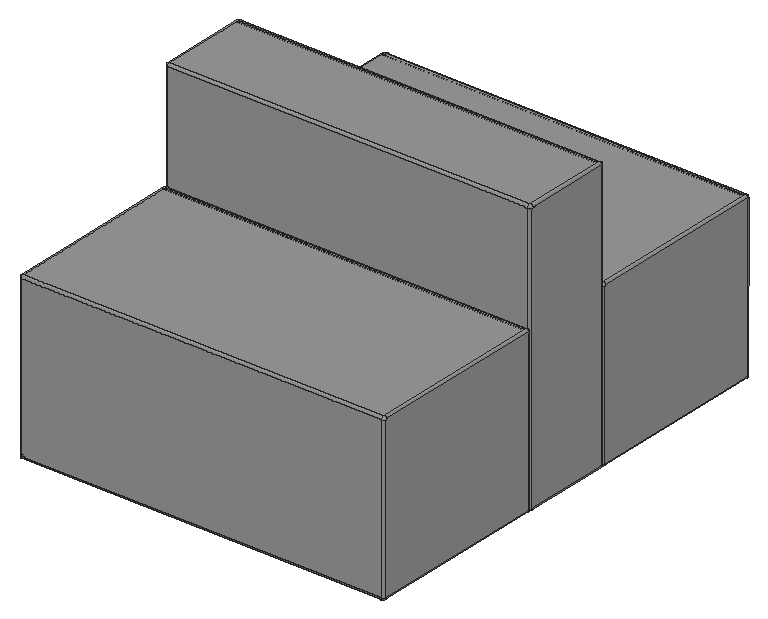
Revit family "TS1025 Elevate Wind Two Sided Loveseat", category Generic Models, Revit 2018
Family settings
  Can host rebar = No
  Round Connector Dimension = Use Diameter
  Part Type = Normal
  Work Plane-Based = No
  Always vertical = Yes
  Cut with Voids When Loaded = No
  Shared = No
  Room Calculation Point = No
Parameters
  Seat Fabric = TS1025 Loveseat Two Sided Seat Fabric
  Back Fabric = TS1025 Loveseat Two Sided Back Fabric
Reference planes (in)
  plane 1 "Center (Front/Back)": y = 0
  plane 2: z = 0
  plane 3 "Center (Left/Right)": x = 0
Forms (in)
  Sweep 1, solid, material "TS1025 Loveseat Two Sided Back Fabric" <- "Back Fabric"
    path origin (0, 0, 0) x (0, 1, 0) y (0, 0, 1)
      loop
        line (4.73021, 29.75) -> (-4.73021, 29.75)
        arc (-4.73021, 29.75) -> (-4.7442, 29.7442) -> (-4.75, 29.73021) r 0.01979
        line (-4.75, 29.73021) -> (-4.75, 0.26979)
        arc (-4.75, 0.26979) -> (-4.7442, 0.2558) -> (-4.73021, 0.25) r 0.01979
        line (-4.73021, 0.25) -> (4.73021, 0.25)
        arc (4.73021, 0.25) -> (4.7442, 0.2558) -> (4.75, 0.26979) r 0.01979
        line (4.75, 0.26979) -> (4.75, 29.73021)
        arc (4.75, 29.73021) -> (4.7442, 29.7442) -> (4.73021, 29.75) r 0.01979
    profile origin (0, 0, 29.75) x (0, 0, -1) y (1, 0, 0)
      loop
        line (0, -20) -> (0, 20)
        arc (0, 20) -> (-0.17678, 19.92678) -> (-0.25, 19.75) r 0.25
        line (-0.25, 19.75) -> (-0.25, -19.75)
        arc (-0.25, -19.75) -> (-0.17678, -19.92678) -> (0, -20) r 0.25
  Extrusion 2, solid, material "TS1025 Loveseat Two Sided Back Fabric" <- "Back Fabric"
    sketch origin (0, 0, 0) x (0, 1, 0) y (0, 0, 1)
      loop
        arc (4.73021, 0.25) -> (4.7442, 0.2558) -> (4.75, 0.26979) r 0.01979
        line (4.75, 0.26979) -> (4.75, 29.73021)
        arc (4.75, 29.73021) -> (4.7442, 29.7442) -> (4.73021, 29.75) r 0.01979
        line (4.73021, 29.75) -> (-4.73021, 29.75)
        arc (-4.73021, 29.75) -> (-4.7442, 29.7442) -> (-4.75, 29.73021) r 0.01979
        line (-4.75, 29.73021) -> (-4.75, 0.26979)
        arc (-4.75, 0.26979) -> (-4.7442, 0.2558) -> (-4.73021, 0.25) r 0.01979
        line (-4.73021, 0.25) -> (4.73021, 0.25)
    from -20 to 20
  Sweep 3, solid, material "TS1025 Loveseat Two Sided Seat Fabric" <- "Seat Fabric"
    path origin (0, -20, 0) x (0, 1, 0) y (0, 0, 1)
      loop
        line (14.73021, 17.75) -> (-4.73021, 17.75)
        arc (-4.73021, 17.75) -> (-4.7442, 17.7442) -> (-4.75, 17.73021) r 0.01979
        line (-4.75, 17.73021) -> (-4.75, 0.26979)
        arc (-4.75, 0.26979) -> (-4.7442, 0.2558) -> (-4.73021, 0.25) r 0.01979
        line (-4.73021, 0.25) -> (14.73021, 0.25)
        arc (14.73021, 0.25) -> (14.7442, 0.2558) -> (14.75, 0.26979) r 0.01979
        line (14.75, 0.26979) -> (14.75, 17.73021)
        arc (14.75, 17.73021) -> (14.7442, 17.7442) -> (14.73021, 17.75) r 0.01979
    profile origin (0, -15, 17.75) x (0, 0, -1) y (1, 0, 0)
      loop
        line (0, -20) -> (0, 20)
        arc (0, 20) -> (-0.17678, 19.92678) -> (-0.25, 19.75) r 0.25
        line (-0.25, 19.75) -> (-0.25, -19.75)
        arc (-0.25, -19.75) -> (-0.17678, -19.92678) -> (0, -20) r 0.25
  Extrusion 4, solid, material "TS1025 Loveseat Two Sided Seat Fabric" <- "Seat Fabric"
    sketch origin (0, -20, 0) x (0, 1, 0) y (0, 0, 1)
      loop
        arc (14.73021, 0.25) -> (14.7442, 0.2558) -> (14.75, 0.26979) r 0.01979
        line (14.75, 0.26979) -> (14.75, 17.73021)
        arc (14.75, 17.73021) -> (14.7442, 17.7442) -> (14.73021, 17.75) r 0.01979
        line (14.73021, 17.75) -> (-4.73021, 17.75)
        arc (-4.73021, 17.75) -> (-4.7442, 17.7442) -> (-4.75, 17.73021) r 0.01979
        line (-4.75, 17.73021) -> (-4.75, 0.26979)
        arc (-4.75, 0.26979) -> (-4.7442, 0.2558) -> (-4.73021, 0.25) r 0.01979
        line (-4.73021, 0.25) -> (14.73021, 0.25)
    from -20 to 20
  Sweep 5, solid, material "TS1025 Loveseat Two Sided Seat Fabric" <- "Seat Fabric"
    path origin (0, 10, 0) x (0, 1, 0) y (0, 0, 1)
      loop
        line (14.73021, 17.75) -> (-4.73021, 17.75)
        arc (-4.73021, 17.75) -> (-4.7442, 17.7442) -> (-4.75, 17.73021) r 0.01979
        line (-4.75, 17.73021) -> (-4.75, 0.26979)
        arc (-4.75, 0.26979) -> (-4.7442, 0.2558) -> (-4.73021, 0.25) r 0.01979
        line (-4.73021, 0.25) -> (14.73021, 0.25)
        arc (14.73021, 0.25) -> (14.7442, 0.2558) -> (14.75, 0.26979) r 0.01979
        line (14.75, 0.26979) -> (14.75, 17.73021)
        arc (14.75, 17.73021) -> (14.7442, 17.7442) -> (14.73021, 17.75) r 0.01979
    profile origin (0, 15, 17.75) x (0, 0, -1) y (1, 0, 0)
      loop
        line (0, -20) -> (0, 20)
        arc (0, 20) -> (-0.17678, 19.92678) -> (-0.25, 19.75) r 0.25
        line (-0.25, 19.75) -> (-0.25, -19.75)
        arc (-0.25, -19.75) -> (-0.17678, -19.92678) -> (0, -20) r 0.25
  Extrusion 6, solid, material "TS1025 Loveseat Two Sided Seat Fabric" <- "Seat Fabric"
    sketch origin (0, 10, 0) x (0, 1, 0) y (0, 0, 1)
      loop
        arc (14.73021, 0.25) -> (14.7442, 0.2558) -> (14.75, 0.26979) r 0.01979
        line (14.75, 0.26979) -> (14.75, 17.73021)
        arc (14.75, 17.73021) -> (14.7442, 17.7442) -> (14.73021, 17.75) r 0.01979
        line (14.73021, 17.75) -> (-4.73021, 17.75)
        arc (-4.73021, 17.75) -> (-4.7442, 17.7442) -> (-4.75, 17.73021) r 0.01979
        line (-4.75, 17.73021) -> (-4.75, 0.26979)
        arc (-4.75, 0.26979) -> (-4.7442, 0.2558) -> (-4.73021, 0.25) r 0.01979
        line (-4.73021, 0.25) -> (14.73021, 0.25)
    from -20 to 20
Dimensions and locks (in)
  aligned and locked: plane 2 to level
